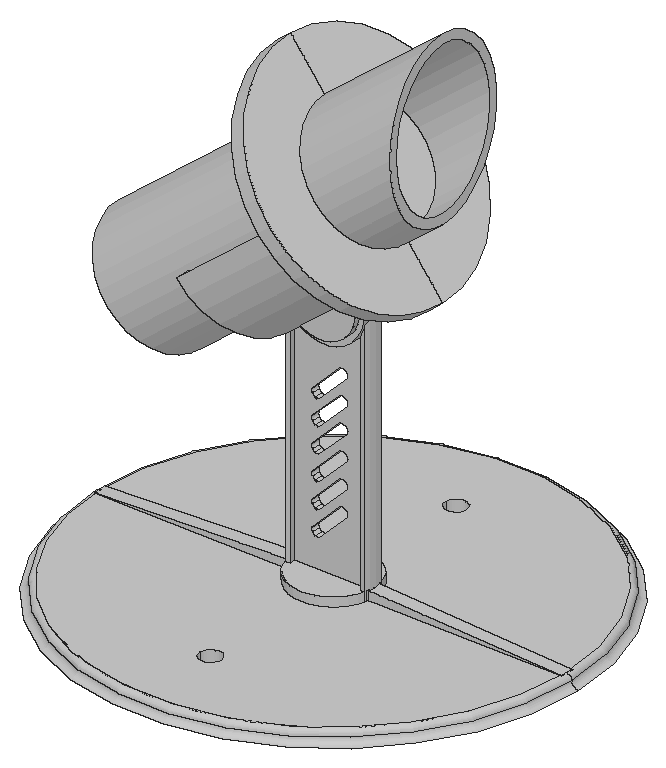
Revit family "SMALL UNDERWATER_LKPB0158CW.15", category Luminarias, Revit 2019
Family settings
  Cota de conector redondo = Diámetro de uso
  Tipo de pieza = Normal
  Se basa en plano de trabajo = Sí
  Siempre vertical = No
  Corte con vacíos al cargar = No
  Origen de luz = Sí
  Compartido = No
  Punto de cálculo de habitación = No
Parameters (values of type "SUB_LKPB0158CW.15")
  Ángulo de inclinación = 60.00°
  Zone [instance] = ""
  Watt per fixture = 2.6
  Wattage = 2.6 W
  built-in parameter 1150107 = 6000 (stored number, unit not read)
  built-in parameter 1150110 = 1 (stored number, unit not read)
  built-in parameter 1150109 = 1 (stored number, unit not read)
  built-in parameter 1150112 = 1 (stored number, unit not read)
  built-in parameter 1150113 = 1 (stored number, unit not read)
  built-in parameter 1114218 = 1 (stored number, unit not read)
  Keynote = ""
  built-in parameter 1150142 = "IESNA:LM-63-1995\r\n[TEST] SMALL UNDERWATER\r\n[DATE] 2016/12/13\r\n[MANUFAC] BRILLANTE ILUMINACION\r\n[LUMCAT] SMALL UNDERWATER\r\n[LUMINAIRE] LKPB0158CW\r\n[LAMPCAT] SMALL UNDERWATER\r\n[LAMP] SMALL UNDERWATER 6000°K 15°\r\nTILT=NONE\r\n0 -1 1.0 19 9 1 2 0.000 0.000 0.000\r\n1 1 2.6\r\n0.0 5.0 10.0 15.0 20.0 25.0 30.0 35.0 40.0 45.0 50.0 55.0 60.0 65.0 70.0 75.0 80.0 85.0 90.0\r\n0.0 45.0 90.0 135.0 180.0 225.0 270.0 315.0 360.0 \r\n1816.524 1333.845 546.586 172.978 67.491 33.797 19.459 12.085 8.193 5.530 3.687 2.560 1.843 1.331 0.922 0.614 0.307 0.205 0.102\r\n1787.336 1169.368 459.329 155.260 61.449 29.803 16.284 9.729 6.247 4.097 2.765 1.946 1.434 1.127 0.717 0.410 0.205 0.102 0.102\r\n1712.369 870.932 321.581 114.090 44.653 19.561 7.988 4.301 2.868 2.151 1.741 1.331 0.922 0.512 0.205 0.102 0.102 0.102 0.102\r\n1789.999 981.642 357.631 128.530 47.008 13.416 3.892 2.356 1.946 1.741 1.434 1.127 0.512 0.205 0.102 0.102 0.102 0.102 0.102\r\n1816.524 1222.828 498.656 175.743 62.063 16.386 3.687 1.741 1.434 1.434 1.331 1.024 0.307 0.102 0.102 0.102 0.102 0.102 0.102\r\n1787.336 1305.067 526.820 172.363 65.443 22.019 7.067 2.970 2.253 2.048 1.741 1.331 0.717 0.205 0.102 0.102 0.102 0.102 0.102\r\n1712.369 1769.516 889.162 288.501 92.992 47.213 17.103 8.603 5.121 3.482 2.765 2.048 1.536 1.024 0.614 0.307 0.205 0.102 0.102\r\n1789.999 1792.150 911.591 292.598 90.637 42.502 22.736 13.007 8.500 5.838 3.994 2.663 1.946 1.434 1.024 0.717 0.307 0.205 0.102\r\n1816.524 1333.845 546.586 172.978 67.491 33.797 19.459 12.085 8.193 5.530 3.687 2.560 1.843 1.331 0.922 0.614 0.307 0.205 0.102\r\n"
  built-in parameter 1150137 = (empty or 0)
  built-in parameter 1150132 = (empty or 0)
  Modelo = "LKPB0158CW.15"
  Lámpara = "OSRAM"
  built-in parameter 1150105 = 12 (stored number, unit not read)
  built-in parameter 1150102 = (empty or 0)
  built-in parameter 1150106 = 0.12 (stored number, unit not read)
  Lumens = 150.8 lm
  Color Filter = 16777215
  built-in parameter 1114217 = 1 (stored number, unit not read)
  built-in parameter 1150139 = (empty or 0)
  Fabricante = "BRILLANT"
  Default Elevation = 0 mm
  built-in parameter 1150104 = 5.3884 (stored number, unit not read)
  Descripción = "LUMINARIA SUB ACUATICA TIPO PUNTUAL, ACABADO EN ACERO INOXIDABLE, CUPERO MOLDEADO EN CROMO, SELLO DE SILICON, VIDRIO TEMPLADO DE 7MM, 1 LED TIPO OSRAM CON UN CONSUMO TOTAL DE 2.6W, 174 LUMENES CON  UNA TEMPERATURA EN BLANCO CALIDO 6000K, IP 68, IK 06, SUMERGIBLE MAXIMO 2M, CABLE H07RN DE 3M, APERTURA A 15 GRADOS, ALIMENTADA A 24V. REQUIERE ACCESORIOS."
  built-in parameter 1150115 = 1 (stored number, unit not read)
  built-in parameter 1150114 = 1 (stored number, unit not read)
  Comentarios de vataje = "24V"
  built-in parameter 1150138 = (empty or 0)
  built-in parameter 1150134 = 5
  Circuit [instance] = ""
  Dimming Lamp Color Temperature Shift = (empty or 0)
  Archivo de red fotométrica = "SMALL UNDERWATER_LKPB0158CW 15°.IES"
  built-in parameter 1150133 = 10 (stored number, unit not read)
Reference planes
  plane 1 "Centro (Frontal/Posterior)": y = 0
  plane 2: z = 0
  plane 3 "Centro (Izquierda/Derecha)": x = 0
  plane 4: z = 132
  plane 5: z = 3
  plane 6: x = -653.678
  plane 7: x = 600
  plane 8 "inclinado": through (-18.314, -1524, 86.57) normal (0.7771, 0, 0.6293)
Forms (mm)
  Revolve 1, solid, material "Acero Inoxidable"
    sketch origin (0, 0, 0) x (1, 0, 0) y (0, 0, 1)
      loop
        arc (60, 0) -> (58.861, 0.472) -> (58.389, 1.611) r 1.611
        arc (58.389, 1.611) -> (57.982, 2.593) -> (57, 3) r 1.389
        line (57, 3) -> (0, 3) -> (0, 0) -> (60, 0)
      axis (0, 3) -> (0, 0)
    angle from 0 to 360
  Extrusion 2, solid, material "Acero Inoxidable"
    sketch origin (0, 0, 0) x (1, 0, 0) y (0, 1, 0)
      loop
        circle (0, 0) r 10
    from 3 to 5.134
  Extrusion 3, solid, material "Acero Inoxidable"
    sketch origin (0, 0, 0) x (1, 0, 0) y (0, 0, 1)
      loop
        line (-10, 5.134) -> (-57.216, 3) -> (-10, 3) -> (-10, 5.134)
      loop
        line (10, 5.134) -> (10, 3) -> (57.216, 3) -> (10, 5.134)
    from -1.668 to 1.605
  Extrusion 4, void
    sketch origin (0, 0, 0) x (1, 0, 0) y (0, 1, 0)
      loop
        circle (0, 37.605) r 2.589
      loop
        circle (0, -37.605) r 2.589
    from 0 to 3
  Extrusion 5, solid, material "Acero Inoxidable"
    sketch origin (0, 0, 0) x (1, 0, 0) y (0, 1, 0)
      loop
        arc (-9.664, 2.571) -> (-10, 0) -> (-9.664, -2.571) r 10
        line (-9.664, -2.571) -> (-8.527, -2.387)
        arc (-8.527, -2.387) -> (-8.69, -1.699) -> (-8.798, -1) r 8.855
        line (-8.798, -1) -> (8.798, -1)
        arc (8.798, -1) -> (8.69, -1.699) -> (8.527, -2.387) r 8.855
        line (8.527, -2.387) -> (9.664, -2.571)
        arc (9.664, -2.571) -> (10, 0) -> (9.664, 2.571) r 10
        line (9.664, 2.571) -> (8.527, 2.387)
        arc (8.527, 2.387) -> (8.69, 1.699) -> (8.798, 1) r 8.855
        line (8.798, 1) -> (-8.798, 1)
        arc (-8.798, 1) -> (-8.69, 1.699) -> (-8.527, 2.387) r 8.855
        line (-8.527, 2.387) -> (-9.664, 2.571)
    from 3 to 66.238
  Extrusion 6, void
    sketch origin (0, 0, 0) x (1, 0, 0) y (0, 0, 1)
      loop
        arc (-4.236, 44.448) -> (-4.479, 43.861) -> (-4.236, 43.274) r 0.831
        line (-4.236, 43.274) -> (-3.616, 42.653)
        arc (-3.616, 42.653) -> (-3.028, 42.41) -> (-2.441, 42.653) r 0.831
        line (-2.441, 42.653) -> (4.236, 49.33)
        arc (4.236, 49.33) -> (4.479, 49.917) -> (4.236, 50.505) r 0.831
        line (4.236, 50.505) -> (3.616, 51.125)
        arc (3.616, 51.125) -> (3.028, 51.368) -> (2.441, 51.125) r 0.831
        line (2.441, 51.125) -> (-4.236, 44.448)
      loop
        arc (-4.236, 38.355) -> (-4.479, 37.768) -> (-4.236, 37.18) r 0.831
        line (-4.236, 37.18) -> (-3.616, 36.56)
        arc (-3.616, 36.56) -> (-3.028, 36.317) -> (-2.441, 36.56) r 0.831
        line (-2.441, 36.56) -> (4.236, 43.237)
        arc (4.236, 43.237) -> (4.479, 43.824) -> (4.236, 44.411) r 0.831
        line (4.236, 44.411) -> (3.616, 45.032)
        arc (3.616, 45.032) -> (3.028, 45.275) -> (2.441, 45.032) r 0.831
        line (2.441, 45.032) -> (-4.236, 38.355)
      loop
        arc (-4.236, 32.262) -> (-4.479, 31.674) -> (-4.236, 31.087) r 0.831
        line (-4.236, 31.087) -> (-3.616, 30.467)
        arc (-3.616, 30.467) -> (-3.028, 30.223) -> (-2.441, 30.467) r 0.831
        line (-2.441, 30.467) -> (4.236, 37.143)
        arc (4.236, 37.143) -> (4.479, 37.731) -> (4.236, 38.318) r 0.831
        line (4.236, 38.318) -> (3.616, 38.939)
        arc (3.616, 38.939) -> (3.028, 39.182) -> (2.441, 38.939) r 0.831
        line (2.441, 38.939) -> (-4.236, 32.262)
      loop
        arc (-4.236, 26.169) -> (-4.479, 25.581) -> (-4.236, 24.994) r 0.831
        line (-4.236, 24.994) -> (-3.616, 24.373)
        arc (-3.616, 24.373) -> (-3.028, 24.13) -> (-2.441, 24.373) r 0.831
        line (-2.441, 24.373) -> (4.236, 31.05)
        arc (4.236, 31.05) -> (4.479, 31.637) -> (4.236, 32.225) r 0.831
        line (4.236, 32.225) -> (3.616, 32.845)
        arc (3.616, 32.845) -> (3.028, 33.089) -> (2.441, 32.845) r 0.831
        line (2.441, 32.845) -> (-4.236, 26.169)
      loop
        arc (-4.236, 20.075) -> (-4.479, 19.488) -> (-4.236, 18.9) r 0.831
        line (-4.236, 18.9) -> (-3.616, 18.28)
        arc (-3.616, 18.28) -> (-3.028, 18.037) -> (-2.441, 18.28) r 0.831
        line (-2.441, 18.28) -> (4.236, 24.957)
        arc (4.236, 24.957) -> (4.479, 25.544) -> (4.236, 26.132) r 0.831
        line (4.236, 26.132) -> (3.616, 26.752)
        arc (3.616, 26.752) -> (3.028, 26.995) -> (2.441, 26.752) r 0.831
        line (2.441, 26.752) -> (-4.236, 20.075)
      loop
        arc (-4.236, 13.982) -> (-4.479, 13.395) -> (-4.236, 12.807) r 0.831
        line (-4.236, 12.807) -> (-3.616, 12.187)
        arc (-3.616, 12.187) -> (-3.028, 11.944) -> (-2.441, 12.187) r 0.831
        line (-2.441, 12.187) -> (4.236, 18.864)
        arc (4.236, 18.864) -> (4.479, 19.451) -> (4.236, 20.038) r 0.831
        line (4.236, 20.038) -> (3.616, 20.659)
        arc (3.616, 20.659) -> (3.028, 20.902) -> (2.441, 20.659) r 0.831
        line (2.441, 20.659) -> (-4.236, 13.982)
    from -1 to 1
  Extrusion 7, solid, material "Acero Inoxidable"
    sketch origin (0, 0, 0) x (1, 0, 0) y (0, 0, 1)
      loop
        circle (0, 66.238) r 10
    from -2.669 to 2.776
  Extrusion 8, solid, material "Acero Inoxidable"
    sketch origin (0, 0, 0) x (1, 0, 0) y (0, 0, 1)
      loop
        circle (0, 66.238) r 8.527
    from -3.879 to 3.918
  Extrusion 9, solid, material "Acero Inoxidable"
    sketch origin (38.907, 0, 12.732) x (0.809017, 0, 0.587785) y (-0.587785, 0, 0.809017)
      loop
        line (-8.527, 67.314) -> (-8.527, 65.161) -> (8.251, 65.161) -> (8.251, 67.314) -> (-8.527, 67.314)
    from -6.819 to 6.783
  Extrusion 10, solid, material "Acero Inoxidable"
    sketch origin (35.015, 0, 20.714) x (-0.62932, 0, 0.777146) y (0, -1, 0)
      loop
        line (74.745, 16.141) -> (74.745, 20.141)
        arc (74.745, 20.141) -> (54.604, 0) -> (74.745, -20.141) r 20.141
        line (74.745, -20.141) -> (74.745, -16.141)
        arc (74.745, -16.141) -> (58.604, 0) -> (74.745, 16.141) r 16.141
    from -13.208 to 23.085
  Revolve 11, solid, material "Acero Inoxidable"
    sketch origin (-79.16, 0, 96.158) x (0, 0, -1) y (1, 0, 0)
      loop
        line (40.545, 36.817) -> (53.223, 47.084) -> (23.006, 84.399)
        arc (23.006, 84.399) -> (21.888, 84.469) -> (21.99, 85.585) r 0.781
        line (21.99, 85.585) -> (21.482, 86.212)
        arc (21.482, 86.212) -> (20.383, 86.328) -> (20.499, 87.426) r 0.781
        line (20.499, 87.426) -> (19.99, 88.054)
        arc (19.99, 88.054) -> (18.878, 88.186) -> (19.042, 89.294) r 0.781
        line (19.042, 89.294) -> (14.683, 94.676) -> (25.101, 103.113) -> (22.713, 106.062) -> (12.295, 97.626) -> (-11.117, 126.537) -> (-12.562, 125.367) -> (9.217, 98.473) -> (-2.016, 89.376) -> (40.545, 36.817)
      axis (-23.795, 116.271) -> (40.545, 36.817)
    angle from 0 to 360
  Extrusion 12, void
    sketch origin (27.372, 0, 30.152) x (-0.62932, 0, 0.777146) y (0, -1, 0)
      loop
        circle (63.579, 0.01) r 16.073
      loop
        circle (63.579, 0.01) r 15.534
    from -43.944 to -35.873
  Extrusion 13, void
    sketch origin (0, 0, 0) x (1, 0, 0) y (0, 0, 1)
      loop
        line (26.844, 132.631) -> (26.844, 87.631) -> (51.844, 87.631) -> (51.844, 132.631) -> (26.844, 132.631)
    from -20.591 to 22.166
  Extrusion 14, solid, material "Acero Inoxidable"
    sketch origin (11.387, 0, 49.892) x (-0.62932, 0, 0.777146) y (0, -1, 0)
      loop
        line (37.201, -5) -> (41.531, -2.5) -> (41.531, 2.5) -> (37.201, 5) -> (32.871, 2.5) -> (32.871, -2.5) -> (37.201, -5)
    from -41.395 to -38.156
  Extrusion 15, solid, material "Plastico"
    sketch origin (11.387, 0, 49.892) x (-0.62932, 0, 0.777146) y (0, -1, 0)
      loop
        circle (37.201, 0) r 2.706
    from -48.927 to -41.395
Cuts and joins
  Extrusion 4 cuts Revolve 1
  Extrusion 6 cuts Extrusion 5
  Extrusion 12, Extrusion 13 cuts Revolve 11
  Extrusion 12 cuts Extrusion 7
  Extrusion 12 cuts Extrusion 10
Dimensions and locks
  plane 4 to plane 2 = 132 mm
  plane 4 to level = 132 mm
  plane 5 to level = 3 mm
  Revolve 11 sketch curve to Revolve 11 sketch curve = 16.314 mm
  Revolve 11 sketch curve to Revolve 11 sketch curve = 102.238 mm
  cut or joined group of Revolve 11, Extrusion 12, Extrusion 13 to cut or joined group of Revolve 11, Extrusion 12, Extrusion 13 = 102.238 mm
  Revolve 11 sketch curve to Revolve 11 sketch curve = 29.719 mm
  Extrusion 10 sketch curve to Extrusion 10 sketch curve = 4 mm
  aligned and locked: level to plane 2
  aligned and locked: Extrusion 5 to Extrusion 6  (x2)
Connectors
  electrical at (-50.047, 0, 48.012)
    settings: on Extrusion 15, index 1, voltage 24 V, apparent load 0 VA, apparent load phase1 0 VA, apparent load phase2 0 VA, apparent load phase3 0 VA, power factor 1, load classification "Otro", number of poles 1, system type 31, power factor state 1, is connector primary yes, connector utility no, sub classification motor no, connector description ""
